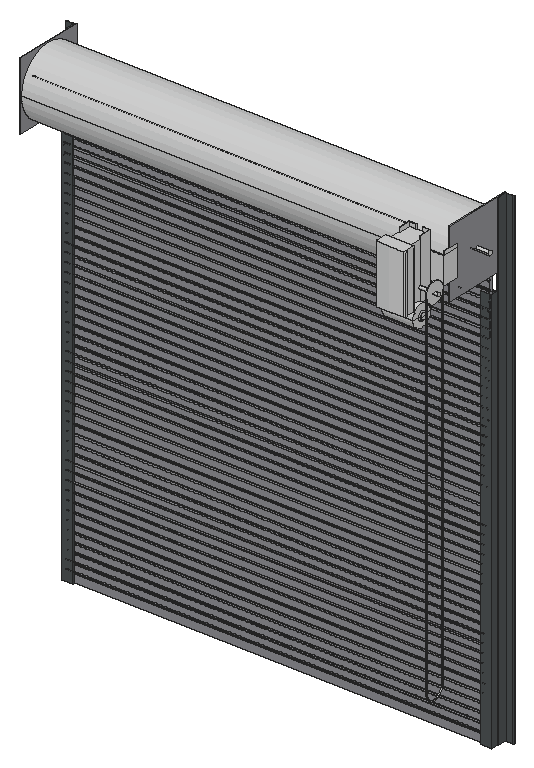
Revit family "Doors_Industrial_Overhead-Door-Corporation_Stormtite-HD-Insulated-Rolling-Steel-Service-Doors-625_", category Specialty Equipment, host Wall, Revit 2019
Family settings
  Host = Wall
  Round Connector Dimension = Use Diameter
  Part Type = Normal
  OmniClass Number = 23.30.10.21.34
  OmniClass Title = Industrial Doors
  Always vertical = Yes
  Cut with Voids When Loaded = Yes
  Shared = No
  Room Calculation Point = No
Parameters (values of type "115 volts, one phase, 60 Hz (110-120V range)")
  Width Count [instance] = if(or(Opening Width < 240", Opening Width = 240"), 20, if(or(Opening Width < 288", Opening Width = 288"), 24, 30))  # 20
  Warning Sign [instance] = if(Calculated Area > 683.00 SF, 1 = 1, 1 = 2)  # no
  Warning (Note) [instance] = if(Warning Sign, "The Door Area is out of the limit; please adjust accordingly. The maximum allowed area is 683 sq. ft.", if(Opening Height > 360", "Headroom Clearance Dimensions - out of the limits. Consult Factory", " "))  # " "
  Wall Thickness [instance] = 6"
  Voltage = 115 V
  True Opening Width [instance] = if(Between Jambs Mounting, Door Width True, Clear Width)  # 120"
  True Opening Height [instance] = if(Between Jambs Mounting, Clear Height + Headroom Height, Clear Height)  # 120"
  Slat Type [instance] = "F-265i"  # constant formula
  Slat Option [instance] = 1  # constant formula
  Slat Length [instance] = Clear Width + G Value * 2 - 1" / 2 * 2  # 126"
  Slat Height [instance] = if(Slat < 2, 11 9/32", if(Slat = 2, 13 3/4", 13 19/128"))  # 13 19/128"
  Slat [instance] = 3  # constant formula
  Product Page URL = "https://www.overheaddoor.com/rolling-steel-service-doors-625"
  Power Factor = 1
  Powder Coat (Note) = "PowderGuard® Premium powder coat finish options are available in approximately 200 colors as well as custom matching to specification. PowderGuard® Textured finish, a thicker, more scratch resistant coat, is available in 11 colors providing enhanced scratch resistance as well as aiding in hiding the dirt and blemishes that often occur in commercial environments.​"  # constant formula
  Operator Visibility = yes
  Operation (Note) [instance] = "Door could operate by manual push, crank, electrical operator or chain hoist. Manual push up and crank could be used up to 80 sf, for larger door sizes you have to use Chain Hoist operator."  # constant formula
  Opening Width Real [instance] = if(Opening Width > Max Opening Width, Max Opening Width, if(Opening Width < Min Opening Width, Min Opening Width, Opening Width))  # 120"
  Opening Width [instance] = 120"
  Opening Height Real [instance] = if(Opening Height > Max Opening Height, Max Opening Height, if(Opening Height < Min Opening Height, Min Opening Height, Opening Height))  # 120"
  Opening Height [instance] = 120"
  One Array element [instance] = not(Array Vis)  # no
  Number of Poles = 1
  Motor Type [instance] = if(Between Jambs Mounting, "RSX Front of Hood", if(Motor Option < 2, "RSX Front of Hood", if(Motor Option = 2, "RSX Top of Hood", if(Motor Option = 3, "RSX Wall Mount", "RSX Bench Mount"))))  # "RSX Front of Hood"
  Motor Selection (Note) [instance] = "Generic operator shown. Contact Overhead Door when dimensions are critical. "  # constant formula
  Motor Position [instance] = if(Between Jambs Mounting, BJ Displacement Real, M Value - G Value)  # 2 3/4"
  Motor Option Real [instance] = if(Between Jambs Mounting, 1, if(Motor Option < 1, 1, if(Motor Option > 4, 4, Motor Option)))  # 1
  Motor Option [instance] = 1
  Min Opening Width [instance] = if(Between Jambs Mounting, 18" + BJ Displacement Real * 2 + G Value * 2, 18")  # 18"
  Min Opening Height [instance] = if(Between Jambs Mounting, 24" + Headroom Height, 24")  # 24"
  Max Opening Width [instance] = 364"  # constant formula
  Max Opening Height [instance] = 340"  # constant formula
  Material Finish [instance] = 625 : Standard - Gray
  M Value [instance] = if(or(Opening Width < 108", Opening Width = 108"), 5 1/4", if(or(Opening Width < 180", Opening Width = 180"), 6 1/4", if(or(Opening Width < 240", Opening Width = 240"), 7 1/4", if(or(Opening Width < 360", Opening Width = 360"), 10 1/4", 11 1/4"))))  # 6 1/4"
  Lookup Table = "Hood Dimensions"  # constant formula
  Lookup BD [instance] = size_lookup(Lookup Table, if(Slat = 1, "A1", if(Slat = 2, "A2", "A3")), 10", Width Count, Height Count)  # 20"
  Jambs Offset [instance] = if(Between Jambs Mounting, BJ Displacement Real + G Value, 0")  # 0"
  Installation Real [instance] = if(Between Jambs Mounting, if((Wall Thickness / 2 - Guid Depth / 2) < 0", 0", Wall Thickness / 2 - Guid Depth / 2), Wall Thickness)  # 6"
  Hood Type [instance] = if(Hood Option < 2, "No Hood", if(Hood Option = 2, "Square Hood", if(Hood Option = 3, "Octagon Hood", "Round Hood")))  # "No Hood"
  Hood Option [instance] = 1
  Hood Offset [instance] = if(Chain Hoist or Manual, 3", 5")  # 5"
  Hood Material [instance] = Metal - Overhead Door - Gray
  Hood Height [instance] = Headroom Height Real - Hood Offset  # 20"
  Height Count [instance] = HC 3  # 11
  Lookup HH [instance] = size_lookup(Lookup Table, if(Slat = 1, "A1", if(Slat = 2, "A2", "A3")), 10", Width Count, Height Count)  # 20"
  Headroom Height Real [instance] = if(Face Of Wall Mounting, if(Chain Hoist or Manual, Lookup HH + 3", Lookup HH + 5"), Lookup HH + 3")  # 25"
  Headroom Height [instance] = if(Between Jambs Mounting, Headroom Height Real, if(Hood Option > 1, Headroom Height Real + 1 1/2", Headroom Height Real))  # 25"
  HC 3 [instance] = if(or(Opening Height < 72", Opening Height = 72"), 6, if(or(Opening Height < 96", Opening Height = 96"), 8, if(or(Opening Height < 108", Opening Height = 108"), 9, if(or(Opening Height < 132", Opening Height = 132"), 11, if(or(Opening Height < 156", Opening Height = 156"), 13, if(or(Opening Height < 192", Opening Height = 192"), 16, if(or(Opening Height < 216", Opening Height = 216"), 18, if(or(Opening Height < 252", Opening Height = 252"), 21, 23))))))))  # 11
  Guide Type [instance] = if(Between Jambs Mounting, "Angled Between Jambs Z Guide", "Angled Z Guide")  # "Angled Z Guide"
  Guide Option [instance] = if(Between Jambs Mounting, 1, 2)  # 2
  Guid Depth [instance] = if(Between Jambs Mounting, D Value + 1/4", D Value)  # 5"
  G Value [instance] = if(or(Opening Width < 108", Opening Width = 108"), 3", if(or(Opening Width < 180", Opening Width = 180"), 3 1/2", if(or(Opening Width < 240", Opening Width = 240"), 4", if(or(Opening Width < 360", Opening Width = 360"), 5 5/8", 5 5/8"))))  # 3 1/2"
  Frequency = 60 Hz
  Face of Wall Offset [instance] = if(Between Jambs Mounting, 0", 5")  # 5"
  Face Of Wall Mounting [instance] = not(Between Jambs Mounting)  # yes
  Door Width True [instance] = if(Between Jambs Mounting, Clear Width + BJ Displacement Real * 2 + G Value * 2, Clear Width + M Value * 2)  # 132 1/2"
  Door Width (Real) [instance] = if(Between Jambs Mounting, Clear Width, Clear Width + 1" / 2)  # 120 1/2"
  Door Height True [instance] = Clear Width + Headroom Height  # 145"
  Door Height (Real) [instance] = Clear Height + Hood Offset  # 125"
  URL = "https://www.overheaddoor.com/"
  Product data url = "https://www.bimobject.com/overhead-door/product/stormtite-hd-rolling-steel-service-doors-625"
  Product Guid = "27e66299-b278-4dac-b6f1-fc7303876562"
  Model = "625"  # constant formula
  Manufacturer = "Overhead Door Corporation"  # constant formula
  Wall Closure = By host
  Floor To (CL) of Shaft [instance] = Clear Height + Hood Height / 2 + Hood Offset  # 135"
  Finish Material = Finish - Overhead Door - Black
  Description = "Model 625 Stormtite Insulated Heavy-duty rolling door R-value 7.7, U-value .13, Smoke generation 10, Flame spread 5, STC 21"  # constant formula
  D Value [instance] = if(or(Opening Width < 108", Opening Width = 108"), 4 1/2", if(or(Opening Width < 180", Opening Width = 180"), 5", if(or(Opening Width < 240", Opening Width = 240"), 5", if(or(Opening Width < 360", Opening Width = 360"), 6", 6"))))  # 5"
  Clear Width [instance] = if(Between Jambs Mounting, Opening Width Real - BJ Displacement Real * 2 - G Value * 2, Opening Width Real)  # 120"
  Clear Height [instance] = if(Between Jambs Mounting, Opening Height Real - Headroom Height, Opening Height Real)  # 120"
  Chain Hoist or Manual = no
  Current = 20 A
  Connector Array Distance = 0"  # constant formula
  Connector Array = if(Chain Hoist or Manual, 2, 3)  # 3
  Between Jambs Mounting [instance] = no
  Between Jambs Guides Offset [instance] = 3"
  Bar [instance] = if(and(Hood Option > 1, Face Of Wall Mounting), 1 = 1, 1 = 2)  # no
  Backroom Depth [instance] = Lookup BD + 1/2"  # 20 1/2"
  BJ Opening Cut [instance] = if(Between Jambs Mounting, Headroom Height, 0")  # 0"
  BJ Displacement Real [instance] = if(Between Jambs Mounting, if(Between Jambs Guides Offset < 3", 3", if(Between Jambs Guides Offset > 6 3/4", 6 3/4", Between Jambs Guides Offset)), 0")  # 0"
  Array Vis [instance] = if(Array < 2, 1 = 2, 1 = 1)  # yes
  Array Real [instance] = if(Array < 2, 2, Array)  # 10
  Array Length [instance] = (Array) * Slat Height  # 131 31/64"
  Array [instance] = rounddown(([Door Height (Real)] - 3") / Slat Height) + 1  # 10
  Calculated Area [instance] = [Door Width (Real)] * [Door Height (Real)]  # 104.601 SF
  Apparent Load Phase 3 = if(Number of Poles = 1, 0 VA, (Voltage * Current * sqrt(3)) / 3)  # 0 VA
  Apparent Load Phase 2 = if(Number of Poles = 1, 0 VA, (Voltage * Current * sqrt(3)) / 3)  # 0 VA
  Apparent Load Phase 1 = if(Number of Poles = 1, Voltage * Current, (Voltage * Current * sqrt(3)) / 3)  # 2300 VA
Reference planes (in)
  plane 1 "Center (Front/Back)": y = -14.625
  plane 2 "Center (Left/Right)": x = 0
  plane 3 "Left": x = -60
  plane 4 "Right": x = 60
  plane 5 "Exterior": y = -8.625
  plane 6 "Interior": y = -14.625
  plane 7: x = 66.25
  plane 8: x = -66.25
  plane 9: z = 120
  plane 10 "Main": y = -18.98437
  plane 11 "Backroom Depth": y = -32.125
  plane 12 "Main Door Block": y = -11.625
  plane 13 "Bottom Bar": z = 2.75
  plane 14: y = -19.625
  plane 15: z = 134.23438
  plane 16: z = 145
  plane 17: z = 125
  plane 18: z = 146.5
  plane 19: z = 0
  plane 20: z = 60
  plane 21: y = -18.93359
  plane 22: y = 18.375
  plane 23: y = -41.625
  plane 24 "Double Main": y = -18.406
  plane 25 "Headroom Top": z = 145
  plane 26: z = 135
  plane 27: x = 63.5
  plane 28: x = -63.5
  plane 29: z = 121.08594
  plane 30: z = 2.75
  plane 31: y = -18.93359
  plane 32: z = 121.08594
  plane 33: y = -19.625
  plane 34: z = 15.89844
  plane 35: y = -19.01042
  plane 36: z = 29.04688
  plane 37: y = -19.08724
  plane 38: z = 42.19531
  plane 39: y = -19.16406
  plane 40: z = 55.34375
  plane 41: y = -19.24089
  plane 42: z = 68.49219
  plane 43: y = -19.31771
  plane 44: z = 81.64063
  plane 45: y = -19.39453
  plane 46: z = 94.78906
  plane 47: y = -19.47135
  plane 48: z = 107.9375
  plane 49: y = -19.54818
Forms (in)
  Extrusion 1, void
    sketch origin (0, -11.625, 0) x (0, 0, -1) y (-1, 0, 0)
      loop
        line (-120, 60) -> (-120, -60) -> (0, -60) -> (0, 60) -> (-120, 60)
    from -3 to 3
  Extrusion 2, solid, material "Metal - Overhead Door - Gray" <- "Hood Material", visible <- "Bar"
    sketch origin (0, 0, 0) x (0, 1, 0) y (0, 0, 1)
      loop
        line (-14.875, 145) -> (-14.625, 145) -> (-14.625, 146.5) -> (-14.875, 146.5) -> (-14.875, 145)
    from -63.25 to 63.25
Lines and regions (in)
  symbolic lines, visible <- "Bar"
    curve 1: line (63.25, -14.625, 0) -> (-63.25, -14.625, 0)
    curve 2: line (-63.25, -14.875, 0) -> (63.25, -14.875, 0)
Text (in)
  text "Exterior" at (-74.96733, 27.31104, 0), in view "Ref. Level"
  text "Interior" at (-74.96733, -25.14366, 0), in view "Ref. Level"
  text "Exterior" at (0, 40.15149, 123.01588), in view "Right"
  text "Interior" at (0, -64.39139, 123.01588), in view "Right"
  text "Interior" at (0, -31.01599, 123.00693), in view "Left"
  text "Exterior" at (0, 54.57065, 123.00693), in view "Left"
Dimensions and locks (in)
  equal spacing: plane 3 "Left", plane 2 "Center (Left/Right)", plane 4 "Right"
  "Clear Width": plane 3 "Left" to plane 4 "Right"
  level to host wall = 459.59655"
  "Clear Height": level to plane 9
  plane 7 to plane 8 = 132 1/2"
  equal spacing: plane 7, plane 2 "Center (Left/Right)", plane 8
  locked: plane 13 "Bottom Bar" to level at 2.75
  "Door Width True": plane 7 to plane 8
  locked: plane 14 to plane 10 "Main" at 0.64063
  "Array Length": plane 15 to plane 13 "Bottom Bar"
  "Backroom Depth": plane 11 "Backroom Depth" to plane 12 "Main Door Block"
  "Hood Height": plane 16 to plane 17
  locked: plane 18 to plane 16 at 1.5
  locked: Extrusion 2 sketch curve to Extrusion 2 sketch curve at 0.25
  "Installation Real": plane 1 "Center (Front/Back)" to plane 5 "Exterior"
  "Wall Thickness": host wall to host wall
  equal spacing: plane 9, plane 20, plane 19
  locked: plane 10 "Main" to plane 21 at 0.05078
  equal spacing: plane 22, host wall, plane 23
  locked: plane 22 to plane 23 at 60
  locked: plane 10 "Main" to plane 24 "Double Main" at 0.57837
  "BJ Opening Cut": Extrusion 1 sketch curve to plane 9
  locked: Extrusion 2 sketch curve to Extrusion 2 sketch curve at 1.5
  "Hood Offset": plane 17 to plane 9
  "Headroom Height": plane 25 "Headroom Top" to plane 9
  "Floor To (CL) of Shaft": plane 26 to level
  "Jambs Offset": plane 4 "Right" to Extrusion 1 sketch curve
  "Jambs Offset": Extrusion 1 sketch curve to plane 3 "Left"
  "Motor Position": plane 7 to plane 27
  "Motor Position": plane 28 to plane 8
  locked: plane 28 to Extrusion 2 at 0.25
  locked: Extrusion 2 to plane 27 at 0.25
  "Guid Depth": plane 14 to plane 1 "Center (Front/Back)"
  "Slat Height": plane 15 to plane 29
  equal spacing: group 1, group 3, group 4, group 5, group 6, group 7, group 8, group 9, group 10, group 2  (x2)
  equal spacing: group 2, group 10, group 9, group 8, group 7, group 6, group 5, group 4, group 3, group 1
  aligned and locked: plane 5 "Exterior" to host wall
  aligned and locked: host wall to plane 6 "Interior"
  aligned and locked: level to Extrusion 1 sketch curve
  aligned and locked: Extrusion 1 to plane 5 "Exterior"
  aligned and locked: plane 6 "Interior" to Extrusion 1
  aligned and locked: nested 1 to plane 2 "Center (Left/Right)"
  aligned and locked: plane 16 to nested 2
  aligned and locked: nested 1 to level
  aligned and locked: Extrusion 2 sketch curve to plane 18
  aligned and locked: Extrusion 2 sketch curve to plane 6 "Interior"
  aligned and locked: curve 1 to Extrusion 2  (x2)
  aligned and locked: curve 2 to Extrusion 2  (x2)
  aligned and locked: Extrusion 2 to curve 2
  aligned and locked: nested 2 to plane 5 "Exterior"
  aligned and locked: level to plane 19
  aligned and locked: nested 1 to plane 1 "Center (Front/Back)"
  aligned and locked: plane 2 "Center (Left/Right)" to nested 3
  aligned and locked: nested 3 to plane 22
  aligned and locked: plane 23 to nested 4
  aligned and locked: nested 4 to plane 2 "Center (Left/Right)"
  aligned and locked: nested 5 to plane 20
  aligned and locked: plane 2 "Center (Left/Right)" to nested 5
  aligned and locked: nested 2 to plane 27
  aligned and locked: nested 5 to plane 21
  aligned and locked: nested 1 to plane 13 "Bottom Bar"
  aligned and locked: plane 13 "Bottom Bar" to plane 30
  aligned and locked: plane 21 to plane 31
  aligned and locked: plane 29 to plane 32
  aligned and locked: plane 14 to plane 33
  aligned and locked: plane 21 to nested 14
Automatic sketch dimensions
  curve 1 to curve 2 = 0"
Nested families (in)
  nested 1: "Lifts" at (0, -14.625, 0), type "Frame Unit"
    with Square Hood no, Round Hood no, Octagon Hood no, No Hood yes, M Value 6 1/4", Hood Offset 5", Hood Height 20", Headroom Height Real 25", Half Octagon Side 4.14214", Half Hood Height 20", Shaft Offset 10", Radius Hood 10", Headroom Height 25", Header Width 20 1/2", Guide Z Wide 2 3/4", Floor To (CL) of Shaft 135", D Value 5"
  nested 2: "Motor" at (56.6205, -42.705, 123.93), visible <- "Operator Visibility", type "Trolley Motor"
    with Vertical Mount 21.07", Hood Width Real 20 1/2", Hood Width 20 1/2", Hood Height 20", Floor To Cl Shaft 135"
  nested 3: "Label Annotation 1" at (0, 18.375, 0), visible <- "Warning Sign", type "Label Annotation 1"
  nested 4: "Label Annotation 1" at (0, -41.625, 0) x (-1, 0, 0) z (0, 0, 1), visible <- "Warning Sign", type "Label Annotation 1"
  nested 5: "Warning Sign" at (0, -18.93359, 60), visible <- "Warning Sign", type "Warning Sign"
    with Warning Sign no
  nested 6: "625" at (0, -18.93359, 2.75), type <- "Material Finish", Slat Option <- "Slat", visible <- "Array Vis", Opening Width <- "Slat Length", type "Standard - Gray"
    with Void Offset 1", Void Height 1", Slat Width 3/4", Slat Position + Offset 14.491", Slat Position 13.15", Slat Option 3, Opening Width 126", Integrated Cutout no, F 265, FE 265 yes, Cutout Width Offset 1", Cutout Vertical Offset 1.341", Cutout Horizontal Offset 1", C 275 no, C 187 Standard no
  nested 7: "625" at (0, -19.625, 121.08594), type <- "Material Finish", Slat Option <- "Slat", visible <- "Array Vis", Opening Width <- "Slat Length", type "Standard - Gray"
    with Void Offset 1", Void Height 1", Slat Width 3/4", Slat Position + Offset 14.491", Slat Position 13.15", Slat Option 3, Opening Width 126", Integrated Cutout no, F 265, FE 265 yes, Cutout Width Offset 1", Cutout Vertical Offset 1.341", Cutout Horizontal Offset 1", C 275 no, C 187 Standard no
  nested 8: "625" at (0, -19.01042, 15.89844), type <- "Material Finish", Slat Option <- "Slat", visible <- "Array Vis", Opening Width <- "Slat Length", type "Standard - Gray"
    with Void Offset 1", Void Height 1", Slat Width 3/4", Slat Position + Offset 14.491", Slat Position 13.15", Slat Option 3, Opening Width 126", Integrated Cutout no, F 265, FE 265 yes, Cutout Width Offset 1", Cutout Vertical Offset 1.341", Cutout Horizontal Offset 1", C 275 no, C 187 Standard no
  nested 9: "625" at (0, -19.08724, 29.04688), type <- "Material Finish", Slat Option <- "Slat", visible <- "Array Vis", Opening Width <- "Slat Length", type "Standard - Gray"
    with Void Offset 1", Void Height 1", Slat Width 3/4", Slat Position + Offset 14.491", Slat Position 13.15", Slat Option 3, Opening Width 126", Integrated Cutout no, F 265, FE 265 yes, Cutout Width Offset 1", Cutout Vertical Offset 1.341", Cutout Horizontal Offset 1", C 275 no, C 187 Standard no
  nested 10: "625" at (0, -19.16406, 42.19531), type <- "Material Finish", Slat Option <- "Slat", visible <- "Array Vis", Opening Width <- "Slat Length", type "Standard - Gray"
    with Void Offset 1", Void Height 1", Slat Width 3/4", Slat Position + Offset 14.491", Slat Position 13.15", Slat Option 3, Opening Width 126", Integrated Cutout no, F 265, FE 265 yes, Cutout Width Offset 1", Cutout Vertical Offset 1.341", Cutout Horizontal Offset 1", C 275 no, C 187 Standard no
  nested 11: "625" at (0, -19.24089, 55.34375), type <- "Material Finish", Slat Option <- "Slat", visible <- "Array Vis", Opening Width <- "Slat Length", type "Standard - Gray"
    with Void Offset 1", Void Height 1", Slat Width 3/4", Slat Position + Offset 14.491", Slat Position 13.15", Slat Option 3, Opening Width 126", Integrated Cutout no, F 265, FE 265 yes, Cutout Width Offset 1", Cutout Vertical Offset 1.341", Cutout Horizontal Offset 1", C 275 no, C 187 Standard no
  nested 12: "625" at (0, -19.31771, 68.49219), type <- "Material Finish", Slat Option <- "Slat", visible <- "Array Vis", Opening Width <- "Slat Length", type "Standard - Gray"
    with Void Offset 1", Void Height 1", Slat Width 3/4", Slat Position + Offset 14.491", Slat Position 13.15", Slat Option 3, Opening Width 126", Integrated Cutout no, F 265, FE 265 yes, Cutout Width Offset 1", Cutout Vertical Offset 1.341", Cutout Horizontal Offset 1", C 275 no, C 187 Standard no
  nested 13: "625" at (0, -19.39453, 81.64063), type <- "Material Finish", Slat Option <- "Slat", visible <- "Array Vis", Opening Width <- "Slat Length", type "Standard - Gray"
    with Void Offset 1", Void Height 1", Slat Width 3/4", Slat Position + Offset 14.491", Slat Position 13.15", Slat Option 3, Opening Width 126", Integrated Cutout no, F 265, FE 265 yes, Cutout Width Offset 1", Cutout Vertical Offset 1.341", Cutout Horizontal Offset 1", C 275 no, C 187 Standard no
  nested 14: "625" at (0, -18.93359, 2.75), type <- "Material Finish", Slat Option <- "Slat", visible <- "One Array element", Opening Width <- "Slat Length", type "Standard - Gray"
    with Void Offset 1", Void Height 1", Slat Width 3/4", Slat Position + Offset 14.491", Slat Position 13.15", Slat Option 3, Opening Width 126", Integrated Cutout no, F 265, FE 265 yes, Cutout Width Offset 1", Cutout Vertical Offset 1.341", Cutout Horizontal Offset 1", C 275 no, C 187 Standard no
  nested 15: "625" at (0, -19.47135, 94.78906), type <- "Material Finish", Slat Option <- "Slat", visible <- "Array Vis", Opening Width <- "Slat Length", type "Standard - Gray"
    with Void Offset 1", Void Height 1", Slat Width 3/4", Slat Position + Offset 14.491", Slat Position 13.15", Slat Option 3, Opening Width 126", Integrated Cutout no, F 265, FE 265 yes, Cutout Width Offset 1", Cutout Vertical Offset 1.341", Cutout Horizontal Offset 1", C 275 no, C 187 Standard no
  nested 16: "625" at (0, -19.54818, 107.9375), type <- "Material Finish", Slat Option <- "Slat", visible <- "Array Vis", Opening Width <- "Slat Length", type "Standard - Gray"
    with Void Offset 1", Void Height 1", Slat Width 3/4", Slat Position + Offset 14.491", Slat Position 13.15", Slat Option 3, Opening Width 126", Integrated Cutout no, F 265, FE 265 yes, Cutout Width Offset 1", Cutout Vertical Offset 1.341", Cutout Horizontal Offset 1", C 275 no, C 187 Standard no
Connectors (in)
  electrical at (59.6085, -41.31077, 134.4998), driven by "Apparent Load Phase 1", driven by "Power Factor", driven by "Voltage", driven by "Apparent Load Phase 2", driven by "Apparent Load Phase 3", driven by "Number of Poles"
    settings: on nested 2, index 1, voltage 115 V, apparent load 0 VA, apparent load phase1 2300 VA, apparent load phase2 0 VA, apparent load phase3 0 VA, power factor 1, load classification "Other", number of poles 1, system type 31, power factor state 1, is connector primary yes, connector utility no, sub classification motor no, connector description "Electrical Connector"
Definition of nested family "Lifts"
  Parameters (values of type "Frame Unit")
    True Width = if(Between Jambs, Opening Width, Opening Width + 1/2")  # 120 1/2"
    Square Hood [instance] = if(Hood Option = 2, 1 = 1, 1 = 2)  # no
    Slat Option = 1
    Round Hood [instance] = if(Hood Option > 3, 1 = 1, 1 = 2)  # no
    Rough Width = 0"
    Rough Height = 0"
    Octagon Hood [instance] = if(Hood Option = 3, 1 = 1, 1 = 2)  # no
    No Hood [instance] = if(Hood Option < 2, 1 = 1, 1 = 2)  # yes
    M Value = 5 1/4"
    Hood Type = if(Hood Option < 2, "No Hood", if(Hood Option = 2, "Square Hood", if(Hood Option = 3, "Octagon Hood", "Round Hood")))  # "No Hood"
    Hood Option = 1
    Hood Offset = 3"
    Hood Height = Headroom Height Real - Hood Offset  # 16"
    Headroom Height Real = Headroom Height  # 19"
    Half Octagon Side = (Radius Hood * 2 * tan(180.00° / 8)) / 2  # 3.00305"
    Half Hood Height = Headroom Height - Hood Offset  # 16"
    G Value = 3 1/2"
    E Guide Width = if(Between Jambs, Guide Offset - G Value + BJ Connection Length - BJ Displacement * 2 / 3, 3")  # 3"
    E Guide Height = 3"  # constant formula
    Z Guide = 1 = 1  # yes
    Slat Material = none
    Shaft Offset = if(Hood Option > 3, (Header Width - (Header Width - Hood Height)) / 2, if(Hood Height < Header Width, (Header Width - (Header Width - Hood Height)) / 2, Header Width / 2))  # 7 1/4"
    Shaft Material = none
    Shaft Length 2 = if(Between Jambs, G Value + BJ Displacement, G Value + 4")  # 7 1/2"
    Shaft Length 1 = if(Between Jambs, G Value + BJ Displacement, G Value + 4")  # 7 1/2"
    Setback = if(Between Jambs, 0", 1/4")  # 1/4"
    Radius Hood = Shaft Offset  # 7 1/4"
    Opening Width = 120"
    Hood Material = none
    Headroom Height = 19"
    Header Width = 14 1/2"
    Opening Height = 120"
    Guide Type = if(Between Jambs, "Angled Between Jambs Z Guide", if(Guide Option > 1, "Angled Z Guide", "Angled E Guide"))  # "Angled Z Guide"
    Guide Option = if(Between Jambs, 1, 2)  # 2
    Guide Offset = BJ Displacement + G Value  # 3 1/2"
    Guide Z Wide = if(Between Jambs, Guide Offset - G Value + BJ Connection Length - BJ Displacement * 2 / 3, M Value - G Value)  # 1 3/4"
    Guide Z Height = 3"  # constant formula
    Floor To (CL) of Shaft = 131"
    Finish Material = none
    Face to Wall Mount = not(Between Jambs)  # yes
    E Guide = if(Between Jambs, 1 = 1, 1 = 2)  # no
    D Value = 4 1/2"
    Between Jambs = no
    BJ Position = if(Between Jambs, 1/4", 0")  # 0"
    BJ Displacement = 0"
    BJ Connection Length = 1 / 3 * BJ Displacement  # 0"
    Angled Guide = 1 = 1  # yes
  Reference planes (in)
    plane 1 "Center (Front/Back)": y = 0
    plane 2: z = 0
    plane 3 "Center (Left/Right)": x = 0
    plane 4 "Opening Height": z = 120
    plane 5: x = -67.5
    plane 6: x = 67.5
    plane 7: z = 139
    plane 8: y = 14.5
    plane 9 "Real Opening 2": x = -60
    plane 10 "Real Opening 1": x = 60
    plane 11: z = 123
    plane 12 "Main": y = 0
    plane 13: z = 131
    plane 14: y = 7.25
    plane 15: x = 63.5
    plane 16: x = -63.5
    plane 17: x = -63.5
    plane 18: x = 63.5
    plane 19: y = 4.5
    plane 20: x = -63.25
    plane 21: x = 63.25
    plane 22: y = 7.25
    plane 23: z = 140.5
    plane 24: y = 4.5
    plane 25: y = 3.375
    plane 26: y = 4.5
    plane 27: y = 3.375
  Forms (in)
    Extrusion 1, solid, material <- "Slat Material"
      sketch origin (0, 0, 0) x (0, 1, 0) y (0, 0, 1)
        loop
          line (3.6875, 2.375) -> (3.6875, 2.75) -> (3.0625, 2.75) -> (3.0625, 2.375) -> (3.6875, 2.375)
      from -63.25 to 63.25
    Extrusion 2, solid, material <- "Slat Material"
      sketch origin (0, 0, 0) x (0, 1, 0) y (0, 0, 1)
        loop
          line (3.6875, 2.375) -> (3.0625, 2.375) -> (3.0625, 0) -> (3.6875, 0) -> (3.6875, 2.375)
      from -63.25 to 63.25
    Extrusion 3, solid, material <- "Shaft Material"
      sketch origin (0, -5.35201, 0) x (0, 1, 0) y (0, 0, 1)
        loop
          circle (12.60201, 131) r 0.6
      from -67.5 to 67.5
    Extrusion 4, solid, material <- "Hood Material", visible <- "Square Hood"
      sketch origin (0, 0, 0) x (0, 1, 0) y (0, 0, 1)
        loop
          line (0, 123) -> (14.5, 123) -> (14.5, 139) -> (0, 139) -> (0, 123)
      from -63.25 to 63.25
    Extrusion 5, solid, material <- "Hood Material", visible <- "Round Hood"
      sketch origin (0, 0, 0) x (0, 1, 0) y (0, 0, 1)
        loop
          line (0, 139) -> (0, 123) -> (7.25, 123)
          arc (7.25, 123) -> (15.25, 131) -> (7.25, 139) r 8
          line (7.25, 139) -> (0, 139)
      from -63.25 to 63.25
    Extrusion 6, solid, material <- "Finish Material", visible <- "E Guide"
      sketch origin (0, 0, 0) x (1, 0, 0) y (0, 1, 0)
        loop
          line (60.5, 0) -> (63.5, 0) -> (63.5, 3) -> (63.4375, 3)
          arc (63.4375, 3) -> (63.30492, 2.94508) -> (63.25, 2.8125) r 0.1875
          line (63.25, 2.8125) -> (63.25, 0.25) -> (60.6875, 0.25)
          arc (60.6875, 0.25) -> (60.55492, 0.19508) -> (60.5, 0.0625) r 0.1875
          line (60.5, 0.0625) -> (60.5, 0)
        loop
          line (-60.5, 0) -> (-60.5, 0.0625)
          arc (-60.5, 0.0625) -> (-60.55492, 0.19508) -> (-60.6875, 0.25) r 0.1875
          line (-60.6875, 0.25) -> (-63.25, 0.25) -> (-63.25, 2.8125)
          arc (-63.25, 2.8125) -> (-63.30492, 2.94508) -> (-63.4375, 3) r 0.1875
          line (-63.4375, 3) -> (-63.5, 3) -> (-63.5, 0) -> (-60.5, 0)
      from 0 to 139
    Extrusion 7, solid, material <- "Finish Material", visible <- "Z Guide"
      sketch origin (0, 0, 0) x (1, 0, 0) y (0, 1, 0)
        loop
          line (65.25, 0) -> (65.25, 0.062)
          arc (65.25, 0.062) -> (65.19494, 0.19494) -> (65.062, 0.25) r 0.188
          line (65.062, 0.25) -> (63.75, 0.25) -> (63.75, 2.812)
          arc (63.75, 2.812) -> (63.69494, 2.94494) -> (63.562, 3) r 0.188
          line (63.562, 3) -> (63.5, 3) -> (63.5, 0) -> (65.25, 0)
        loop
          line (-65.25, 0) -> (-63.5, 0) -> (-63.5, 3) -> (-63.562, 3)
          arc (-63.562, 3) -> (-63.69494, 2.94494) -> (-63.75, 2.812) r 0.188
          line (-63.75, 2.812) -> (-63.75, 0.25) -> (-65.062, 0.25)
          arc (-65.062, 0.25) -> (-65.19494, 0.19494) -> (-65.25, 0.062) r 0.188
          line (-65.25, 0.062) -> (-65.25, 0)
      from 0 to 139
    Extrusion 8, solid, material <- "Finish Material", visible <- "Angled Guide"
      sketch origin (0, 0, 0) x (1, 0, 0) y (0, 1, 0)
        loop
          line (60.25, 4.5) -> (60.25, 4.437)
          arc (60.25, 4.437) -> (60.30477, 4.30477) -> (60.437, 4.25) r 0.187
          line (60.437, 4.25) -> (63.25, 4.25) -> (63.25, 2.5) -> (60.25, 2.5) -> (60.25, 2.437)
          arc (60.25, 2.437) -> (60.30477, 2.30477) -> (60.437, 2.25) r 0.187
          line (60.437, 2.25) -> (63, 2.25) -> (63, 0.5625) -> (63.25, 0.5625) -> (63.25, 0.25) -> (63.5, 0.25) -> (63.5, 4.5) -> (60.25, 4.5)
        loop
          line (-60.25, 4.5) -> (-63.5, 4.5) -> (-63.5, 0.25) -> (-63.25, 0.25) -> (-63.25, 0.5625) -> (-63, 0.5625) -> (-63, 2.25) -> (-60.437, 2.25)
          arc (-60.437, 2.25) -> (-60.30477, 2.30477) -> (-60.25, 2.437) r 0.187
          line (-60.25, 2.437) -> (-60.25, 2.5) -> (-63.25, 2.5) -> (-63.25, 4.25) -> (-60.437, 4.25)
          arc (-60.437, 4.25) -> (-60.30477, 4.30477) -> (-60.25, 4.437) r 0.187
          line (-60.25, 4.437) -> (-60.25, 4.5)
      from 0 to 120
    Extrusion 9, solid, material <- "Hood Material"
      sketch origin (0, 0, 0) x (-1, 0, 0) y (0, 0, 1)
        loop
          line (63.25, 123) -> (63.5, 123) -> (63.5, 139) -> (63.25, 139) -> (63.25, 123)
        loop
          line (-63.5, 123) -> (-63.25, 123) -> (-63.25, 139) -> (-63.5, 139) -> (-63.5, 123)
      from 0 to 14.5
    Extrusion 10, solid, material <- "Shaft Material", visible <- "No Hood"
      sketch origin (0, 0, 0) x (0, 1, 0) y (0, 0, 1)
        loop
          circle (7.25, 131) r 7.25
      from -63.25 to 63.25
    Extrusion 11, solid, material <- "Hood Material", visible <- "Octagon Hood"
      sketch origin (0, 0, 0) x (0, 1, 0) y (0, 0, 1)
        loop
          line (0, 139) -> (0, 123) -> (10.25305, 123) -> (14.5, 127.99695) -> (14.5, 134.00305) -> (10.25305, 139) -> (0, 139)
      from -63.25 to 63.25
  Lines and regions (in)
    Masking region 1
      outline origin (0, 0, 0) x (1, 0, 0) y (0, 1, 0)
        loop
          line (67.5, 7.85) -> (63.5, 7.85) -> (63.5, 6.65) -> (67.5, 6.65) -> (67.5, 7.85)
        loop
          line (-67.5, 6.65) -> (-63.5, 6.65) -> (-63.5, 7.85) -> (-67.5, 7.85) -> (-67.5, 6.65)
    Masking region 2
      outline origin (0, 0, 0) x (1, 0, 0) y (0, 1, 0)
        loop
          line (-63.5, 14.5) -> (-63.5, 0) -> (63.5, 0) -> (63.5, 14.5) -> (-63.5, 14.5)
    Masking region 3, visible <- "Z Guide"
      outline origin (0, 0, 0) x (1, 0, 0) y (0, 1, 0)
        loop
          line (65.062, 0.25) -> (63.75, 0.25) -> (63.75, 2.812)
          arc (63.75, 2.812) -> (63.69494, 2.94494) -> (63.562, 3) r 0.188
          line (63.562, 3) -> (63.5, 3) -> (63.5, 0) -> (65.25, 0) -> (65.25, 0.062)
          arc (65.25, 0.062) -> (65.19494, 0.19494) -> (65.062, 0.25) r 0.188
        loop
          line (-63.75, 0.25) -> (-65.062, 0.25)
          arc (-65.062, 0.25) -> (-65.19494, 0.19494) -> (-65.25, 0.062) r 0.188
          line (-65.25, 0.062) -> (-65.25, 0) -> (-63.5, 0) -> (-63.5, 3) -> (-63.562, 3)
          arc (-63.562, 3) -> (-63.69494, 2.94494) -> (-63.75, 2.812) r 0.188
          line (-63.75, 2.812) -> (-63.75, 0.25)
    Masking region 4, visible <- "E Guide"
      outline origin (0, 0, 0) x (1, 0, 0) y (0, 1, 0)
        loop
          line (-63.5, 3) -> (-63.5, 0) -> (-60.5, 0) -> (-60.5, 0.0625)
          arc (-60.5, 0.0625) -> (-60.55492, 0.19508) -> (-60.6875, 0.25) r 0.1875
          line (-60.6875, 0.25) -> (-63.25, 0.25) -> (-63.25, 2.8125)
          arc (-63.25, 2.8125) -> (-63.30492, 2.94508) -> (-63.4375, 3) r 0.1875
          line (-63.4375, 3) -> (-63.5, 3)
        loop
          line (63.5, 0) -> (63.5, 3) -> (63.4375, 3)
          arc (63.4375, 3) -> (63.30492, 2.94508) -> (63.25, 2.8125) r 0.1875
          line (63.25, 2.8125) -> (63.25, 0.25) -> (60.6875, 0.25)
          arc (60.6875, 0.25) -> (60.55492, 0.19508) -> (60.5, 0.0625) r 0.1875
          line (60.5, 0.0625) -> (60.5, 0) -> (63.5, 0)
    symbolic lines
      curve 1: line (-63.25, 0, 0) -> (-63.25, 14.5, 0)
      curve 2: line (63.25, 14.5, 0) -> (63.25, 0, 0)
    symbolic lines, visible <- "Octagon Hood"
      curve 3: line (-63.25, 10.25305, 0) -> (63.25, 10.25305, 0)
  Dimensions and locks (in)
    Extrusion 1 sketch curve to level = 2 3/8"
    locked: Extrusion 1 sketch curve to Extrusion 1 sketch curve at 0.625
    locked: Extrusion 2 sketch curve to level at 2.375
    "Headroom Height Real": plane 7 to plane 4 "Opening Height"
    plane 8 to plane 1 "Center (Front/Back)" = 14 1/2"
    "Radius Hood": Extrusion 5 sketch curve to plane 8
    "Opening Height": plane 4 "Opening Height" to level
    "Hood Offset": plane 11 to plane 4 "Opening Height"
    "BJ Position": plane 12 "Main" to plane 1 "Center (Front/Back)"
    "Header Width": plane 12 "Main" to plane 8
    "Floor To (CL) of Shaft": plane 13 to level
    "Shaft Offset": Extrusion 3 sketch curve to plane 8
    locked: Extrusion 2 sketch curve to Extrusion 2 sketch curve at 0.625
    "Shaft Offset": plane 8 to plane 14
    locked: Masking region 1 sketch curve to Masking region 1 sketch curve at 1.2
    locked: Masking region 1 sketch curve to plane 14 at 0.6
    "Guide Offset": plane 10 "Real Opening 1" to plane 15
    "Guide Offset": plane 16 to plane 9 "Real Opening 2"
    locked: Extrusion 6 sketch curve to Extrusion 6 sketch curve at 0.25  (x4)
    "E Guide Height": Extrusion 6 sketch curve to Extrusion 6 sketch curve  (x2)
    "E Guide Width": Extrusion 6 sketch curve to Extrusion 6 sketch curve  (x2)
    locked: Extrusion 7 sketch curve to Extrusion 7 sketch curve at 0.25  (x4)
    "Guide Z Wide": Extrusion 7 sketch curve to Extrusion 7 sketch curve  (x2)
    "Guide Z Height": Extrusion 7 sketch curve to Extrusion 7 sketch curve  (x2)
    locked: Extrusion 8 sketch curve to Extrusion 8 sketch curve at 0.25  (x8)
    locked: Extrusion 8 sketch curve to Extrusion 8 sketch curve at 2.25  (x2)
    locked: Extrusion 8 sketch curve to Extrusion 8 sketch curve at 4.25  (x2)
    locked: Extrusion 8 sketch curve to Extrusion 8 sketch curve at 0.3125  (x2)
    "Setback": plane 10 "Real Opening 1" to Extrusion 8 sketch curve
    "Setback": Extrusion 8 sketch curve to plane 9 "Real Opening 2"
    equal spacing: plane 16, plane 3 "Center (Left/Right)", plane 15
    "G Value": Extrusion 7 sketch curve to plane 9 "Real Opening 2"
    "G Value": plane 10 "Real Opening 1" to Extrusion 7 sketch curve
    "G Value": plane 10 "Real Opening 1" to plane 18
    "G Value": plane 17 to plane 9 "Real Opening 2"
    "Shaft Length 1": plane 5 to plane 9 "Real Opening 2"
    "Shaft Length 2": plane 6 to plane 10 "Real Opening 1"
    locked: Extrusion 2 to plane 18 at 0.25
    locked: Extrusion 2 to plane 17 at 0.25
    locked: plane 17 to plane 20 at 0.25
    locked: plane 21 to plane 18 at 0.25
    "Shaft Offset": Extrusion 10 sketch curve to plane 8
    plane 13 to plane 11 = 8"
    plane 7 to plane 13 = 8"
    "Shaft Offset": plane 22 to plane 8
    "Half Octagon Side": Extrusion 11 sketch curve to plane 13
    "Half Octagon Side": plane 13 to Extrusion 11 sketch curve
    "Half Octagon Side": plane 22 to Extrusion 11 sketch curve  (x2)
    equal spacing: plane 9 "Real Opening 2", plane 3 "Center (Left/Right)", plane 10 "Real Opening 1"
    "Opening Width": plane 9 "Real Opening 2" to plane 10 "Real Opening 1"
    locked: plane 23 to plane 7 at 1.5
    "D Value": plane 1 "Center (Front/Back)" to plane 19
    "D Value": plane 24 to plane 1 "Center (Front/Back)"
    locked: plane 24 to plane 25 at 1.125
    equal spacing: Extrusion 1 sketch curve, plane 25, Extrusion 1 sketch curve
    "D Value": plane 26 to plane 1 "Center (Front/Back)"
    locked: plane 26 to plane 27 at 1.125
    equal spacing: Extrusion 2 sketch curve, plane 27, Extrusion 2 sketch curve
    "G Value": plane 10 "Real Opening 1" to Extrusion 8 sketch curve
    "G Value": Extrusion 8 sketch curve to plane 9 "Real Opening 2"
    radius of Extrusion 6 sketch curve = 3/16"  (x4)
    radius of Extrusion 7 sketch curve = 0.188"  (x4)
    locked: Extrusion 8 sketch curve to Extrusion 8 sketch curve (radius 0.187")  (x4)
    "Radius Hood": radius of Extrusion 10 sketch curve
    aligned and locked: plane 2 to level
    aligned and locked: plane 5 to Extrusion 3
    aligned and locked: Extrusion 3 to plane 6
    aligned and locked: Extrusion 4 sketch curve to plane 7
    aligned and locked: Extrusion 4 sketch curve to plane 8
    aligned and locked: Extrusion 5 sketch curve to plane 7
    aligned and locked: plane 13 to Extrusion 3 sketch curve
    aligned and locked: plane 5 to Masking region 1 sketch curve
    aligned and locked: plane 6 to Masking region 1 sketch curve
    aligned and locked: Masking region 1 sketch curve to Masking region 1 sketch curve  (x2)
    aligned and locked: plane 12 "Main" to Extrusion 6 sketch curve  (x2)
    aligned and locked: Extrusion 6 sketch curve to plane 15
    aligned and locked: plane 16 to Extrusion 6 sketch curve
    aligned and locked: Extrusion 7 sketch curve to plane 1 "Center (Front/Back)"  (x2)
    aligned and locked: Extrusion 8 sketch curve to Extrusion 8 sketch curve  (x4)
    aligned and locked: plane 19 to Extrusion 8 sketch curve
    aligned and locked: Extrusion 8 sketch curve to plane 19
    aligned and locked: plane 4 "Opening Height" to Extrusion 8
    aligned and locked: Extrusion 5 sketch curve to plane 12 "Main"
    aligned and locked: plane 12 "Main" to Extrusion 4 sketch curve
    aligned and locked: Extrusion 9 sketch curve to plane 11  (x2)
    aligned and locked: Extrusion 9 sketch curve to plane 7  (x2)
    aligned and locked: plane 17 to Extrusion 9 sketch curve
    aligned and locked: Extrusion 9 sketch curve to plane 18
    aligned and locked: Masking region 2 sketch curve to Extrusion 4
    aligned and locked: Masking region 2 to curve 2  (x2)
    aligned and locked: Masking region 2 to curve 1  (x2)
    aligned and locked: Masking region 3 sketch curve to Extrusion 7  (x10)
    aligned and locked: Extrusion 7 to Masking region 3 sketch curve
    aligned and locked: Masking region 4 sketch curve to Extrusion 6  (x10)
    aligned and locked: Extrusion 2 to Extrusion 1
    aligned and locked: Extrusion 1 to Extrusion 2
    aligned and locked: Extrusion 9 to curve 1
    aligned and locked: Extrusion 9 to curve 2
    aligned and locked: Masking region 2 to plane 17
    aligned and locked: Masking region 2 to plane 18
    aligned and locked: plane 18 to Masking region 1 sketch curve
    aligned and locked: Masking region 1 sketch curve to plane 17
    aligned and locked: plane 20 to Extrusion 9 sketch curve
    aligned and locked: plane 21 to Extrusion 9 sketch curve
    aligned and locked: plane 20 to Extrusion 4
    aligned and locked: plane 20 to Extrusion 5
    aligned and locked: Extrusion 4 to plane 21
    aligned and locked: Extrusion 5 to plane 21
    aligned and locked: plane 13 to Extrusion 10 sketch curve
    aligned and locked: Extrusion 11 sketch curve to plane 12 "Main"
    aligned and locked: Extrusion 11 sketch curve to plane 7
    aligned and locked: Extrusion 11 sketch curve to plane 11
    aligned and locked: Extrusion 11 sketch curve to plane 8
    aligned and locked: Extrusion 11 to plane 20
    aligned and locked: Extrusion 11 to plane 21
    aligned and locked: plane 20 to Extrusion 10
    aligned and locked: Extrusion 10 to plane 21
    aligned and locked: plane 8 to Extrusion 9
    aligned and locked: Extrusion 11 to curve 3
    aligned and locked: plane 20 to curve 3
    aligned and locked: plane 21 to curve 3
    aligned and locked: plane 7 to Extrusion 7
    aligned and locked: plane 7 to Extrusion 6
    aligned and locked: Extrusion 4 sketch curve to plane 11
    aligned and locked: Extrusion 5 sketch curve to plane 11
  Automatic sketch dimensions
    plane 17 to Masking region 2 sketch curve = 0"
    Masking region 2 sketch curve to plane 18 = 0"
    Masking region 2 sketch curve to plane 1 "Center (Front/Back)" = 0"
    Extrusion 1 sketch curve to Extrusion 1 sketch curve = 3/8"
    Extrusion 2 sketch curve to level = 0"
    radius of Extrusion 3 sketch curve = 0.6"
Definition of nested family "Motor"
  Parameters (values of type "Trolley Motor")
    Wall Mount RSX = if(Chain Hoist, 1 = 2, if(Motor Option = 3, 1 = 1, 1 = 2))  # no
    Top Mount RSX = if(Chain Hoist, 1 = 2, if(Motor Option = 2, 1 = 1, 1 = 2))  # no
    Shaft Material = none
    Real Exterior Wall Offset = if(Wall Mount RSX, Displacement, Exterior Wall Offset + if(and(BJ, Bench Mount RSX, Hood Width < 19 1/2"), 2.6", 0"))  # 6"
    Not Chain Hoist = not(Chain Hoist)  # yes
    Not Bench + Top = not(or(Top Mount RSX, Chain Hoist, Bench Mount RSX))  # yes
    Horizontal Mount = if(Face Mount RSX, 5.08" + 0.12" + 2.38", if(Top Mount RSX, 11.19", if(Wall Mount RSX, 5.08", if(Bench Mount RSX, 4.77" + if(or(Hood Width < 14", Hood Width = 14"), 6.13", if(or(Hood Width < 16", Hood Width = 16"), 4.13", 3 1/4")), 0"))))  # 7.58"
    Not Fire King = if(Chain Hoist, 1 = 2, not(Chain Hoist))  # yes
    Vertical Mount = if(Face Mount RSX, 11.07" + Hood Height / 2, if(Top Mount RSX, 14.92" - 0.13" - 2.38", if(Wall Mount RSX, 20.03" + 6" + Hood Height / 2, if(Bench Mount RSX, 20" + 2.29" + Hood Height / 2, Hood Height))))  # 18.07"
    Motor Type = if(Motor Option < 2, "RSX FDO Face Mount", if(Motor Option = 2, "RSX FDO Top Mount", if(Motor Option = 3, "RSX Wall Mount", if(Motor Option = 4, "RSX Bench Mount", "Chain Hoist"))))  # "RSX FDO Face Mount"
    Motor Option = 1
    Main Material = none
    Hood Width Real = if(Wall Mount RSX, 0", if(Chain Hoist, if(Hood Height < Hood Width, (Hood Width + (Hood Width - Hood Height)) / 2, Hood Width / 2), Hood Width))  # 14 1/2"
    Hood Width = 14 1/2"
    Hood Height = 14"
    Hood Mount = if(or(Face Mount RSX, Top Mount RSX), 0.37", if(Wall Mount RSX, if(BJ, 12.24" + BJ Displacement, 14.74"), if(Bench Mount RSX, 14.49", 4.26")))  # 0.37"
    Floor To Cl Shaft = 132"
    Fire King RHX = 1 = 2  # no
    Top Option Offset = if(or(Top Mount RSX, Bench Mount RSX), 20", 0")  # 0"
    Face+Top = if(Chain Hoist, 1 = 2, if(or(Face Mount RSX, Top Mount RSX), 1 = 1, 1 = 2))  # yes
    Face Mount RSX = if(Chain Hoist, 1 = 2, if(Motor Option < 2, 1 = 1, 1 = 2))  # yes
    Top + Bench = if(Chain Hoist, 1 = 2, if(or(Top Mount RSX, Bench Mount RSX), 1 = 1, 1 = 2))  # no
    Face + Top + Bench = if(Chain Hoist, 1 = 2, if(or(Face Mount RSX, Top Mount RSX, Bench Mount RSX), 1 = 1, 1 = 2))  # yes
    Exterior Wall Offset = 6"
    Displacement = 6"
    Default Elevation = 48"
    Chain V Offset = if(or(Face Mount RSX, Wall Mount RSX), 6.53", if(or(Top Mount RSX, Bench Mount RSX), 18.81", Hood Height / 2))  # 6.53"
    Chain H Offset = if(or(Face Mount RSX, Wall Mount RSX), 1.19", if(or(Top Mount RSX, Bench Mount RSX), 6.53", 0"))  # 1.19"
    Chain Hoist = no
    Bench Mount RSX = if(Chain Hoist, 1 = 2, if(Motor Option > 3, 1 = 1, 1 = 2))  # no
    BJ Displacement = 0"
    BJ = no
    Angle = if(or(Bench Mount RSX, Top Mount RSX), 90.00°, 180.00°)  # 180.00°
  Reference planes (in)
    plane 1 "Center (Front/Back)": y = 0
    plane 2: z = 0
    plane 3 "Center (Left/Right)": x = 0
    plane 4: y = 0
    plane 5: y = 1.19
    plane 6: z = -125.47
    plane 7: z = -95.47
    plane 8: z = 6.53
    plane 9 "Chain Hoist": z = 6.53
    plane 10 "Top Of Hood": z = 18.07
    plane 11: y = 7.58
    plane 12: z = 0
    plane 13 "Hood Face": x = 6.8795
    plane 14: x = 7.2495
    plane 15: y = 22.08
    plane 16 "Wall": y = 28.08
  Forms (in)
    Extrusion 1, solid, material <- "Main Material", visible <- "Not Chain Hoist"
      sketch origin (0, 0, 18.8898) x (1, 0, 0) y (0, 1, 0)
        loop
          line (-4.134, -2.41307) -> (4.116, -2.41307) -> (4.116, -2.29347) -> (3.108, -2.29347)
          arc (3.108, -2.29347) -> (3.02315, -2.25832) -> (2.988, -2.17347) r 0.12
          line (2.988, -2.17347) -> (2.988, 4.96193) -> (-2.988, 4.96193) -> (-2.988, -2.17347)
          arc (-2.988, -2.17347) -> (-3.02315, -2.25832) -> (-3.108, -2.29347) r 0.12
          line (-3.108, -2.29347) -> (-4.134, -2.29347) -> (-4.134, -2.41307)
      from -16.64 to 0
    Extrusion 2, solid, material <- "Main Material", visible <- "Not Chain Hoist"
      sketch origin (0, 0, 18.8898) x (1, 0, 0) y (0, 1, 0)
        loop
          line (-4.134, -2.41307) -> (-4.134, -5.05565) -> (-4.3324, -5.05565) -> (-4.3324, -5.3122)
          arc (-4.3324, -5.3122) -> (-4.24466, -5.55085) -> (-4.02324, -5.67585) r 0.36846
          arc (-4.02324, -5.67585) -> (0, -6.0017) -> (4.02324, -5.67585) r 25
          arc (4.02324, -5.67585) -> (4.24466, -5.55085) -> (4.3324, -5.3122) r 0.36846
          line (4.3324, -5.3122) -> (4.3324, -5.05565) -> (4.116, -5.05565) -> (4.116, -2.41307) -> (-4.134, -2.41307)
      from -17 to 0.35839
    Revolve 3, solid, material <- "Main Material", visible <- "Not Fire King"
      sketch origin (2.0828, 5.66524, 0) x (0, -1, 0) y (1, 0, 0)
        loop
          line (5.66524, -9.0813) -> (5.66524, 3.1162) -> (4.82413, 3.1162) -> (4.82413, 2.7162) -> (4.39283, 2.7162) -> (4.39283, 2.4872) -> (2.50257, 2.4872) -> (2.50257, -6.6585) -> (3.79863, -6.6585) -> (3.79863, -7.51105) -> (3.89778, -7.6102) -> (5.36033, -7.6102) -> (5.36033, -7.8313) -> (4.69783, -7.8313) -> (4.69783, -9.0813) -> (5.66524, -9.0813)
        axis (5.66524, -9.0813) -> (5.66524, 3.1162)
      angle from 0 to 360
    Extrusion 4, solid, material <- "Main Material", visible <- "Wall Mount RSX"
      sketch origin (0, 0, 18.8898) x (1, 0, 0) y (0, 1, 0)
        loop
          line (-2.988, 5.08193) -> (-4.988, 5.08193) -> (-4.988, 4.96193) -> (-3.108, 4.96193) -> (-3.108, 1.46193) -> (-2.988, 1.46193) -> (-2.988, 5.08193)
        loop
          line (2.988, 5.08193) -> (2.988, 1.46193) -> (3.108, 1.46193) -> (3.108, 4.96193) -> (4.988, 4.96193) -> (4.988, 5.08193) -> (2.988, 5.08193)
      from -16.64 to 1.14
    Extrusion 5, solid, material <- "Main Material"
      sketch origin (0, 0.00141, 3.59957) x (0, 0, 1) y (0, -1, 0)
        loop
          circle (2.93043, -1.18859) r 3
      from 7.52 to 7.2495
    Sweep 6, solid, material <- "Main Material"
      path origin (7.38475, 9.53, 48) x (0, 1, 0) y (0, 0, 1)
        loop
          line (-11.34, -41.47) -> (-11.34, -143.47)
          arc (-11.34, -143.47) -> (-8.34, -146.47) -> (-5.34, -143.47) r 3
          line (-5.34, -143.47) -> (-5.34, -41.47)
      profile origin (7.38475, -1.81, -44.47) x (1, 0, 0) y (0, 1, 0)
        loop
          circle (0, 0.1) r 0.1
    Extrusion 7, solid, material <- "Main Material"
      sketch origin (0, 0.00141, 3.59957) x (0, 0, 1) y (0, -1, 0)
        loop
          circle (2.93043, -1.18859) r 0.4
      from 8.82 to 0
    Extrusion 8, solid, material <- "Main Material", visible <- "Face+Top"
      sketch origin (0, 0, 18.8898) x (1, 0, 0) y (0, 1, 0)
        loop
          line (7.2495, 5.08193) -> (7.2495, 9.82193) -> (7.1295, 9.82193) -> (7.1295, 5.20193) -> (-2.988, 5.20193) -> (-2.988, 5.08193) -> (7.2495, 5.08193)
      from -12.32 to -4.32
    Extrusion 9, solid, material <- "Main Material", visible <- "Face + Top + Bench"
      sketch origin (0.25, 0, 18.8898) x (1, 0, 0) y (0, 1, 0)
        loop
          line (-3.358, 5.08193) -> (-3.358, 1.46193) -> (-3.238, 1.46193) -> (-3.238, 4.96193) -> (-1.238, 4.96193) -> (-1.238, 5.08193) -> (-3.358, 5.08193)
        loop
          line (2.858, 5.08193) -> (0.738, 5.08193) -> (0.738, 4.96193) -> (2.738, 4.96193) -> (2.738, 1.46193) -> (2.858, 1.46193) -> (2.858, 5.08193)
      from -16.64 to 1.14
    Extrusion 10, solid, material <- "Main Material", visible <- "Face+Top"
      sketch origin (0, 0, 0) x (0, 0, 1) y (0, -1, 0)
        loop
          line (15.5698, -5.33193) -> (6.5698, -5.33193) -> (6.5698, -9.82193) -> (15.5698, -9.82193) -> (15.5698, -5.33193)
      from 6.8795 to 7.1295
    Extrusion 11, solid, material <- "Main Material", visible <- "Bench Mount RSX"
      sketch origin (0, 0, 18.8898) x (1, 0, 0) y (0, 1, 0)
        loop
          line (-6.9985, 5.08193) -> (3.108, 5.08193) -> (3.108, 5.20193) -> (-7.1205, 5.20193) -> (-7.1205, 1.33693) -> (-6.9985, 1.33693) -> (-6.9985, 5.08193)
      from -10.78 to -1.46
    Extrusion 12, solid, material <- "Main Material", visible <- "Bench Mount RSX"
      sketch origin (0, 0, 0) x (0, 0, 1) y (0, -1, 0)
        loop
          line (8.2698, -1.46193) -> (8.2698, -4.96193) -> (17.2698, -4.96193) -> (17.2698, -1.46193) -> (8.2698, -1.46193)
      from -7.24 to -7.1205
  Lines and regions (in)
    reference lines
      curve 1: line (0, 0, 0) -> (0, 0, 18.8898)
  Dimensions and locks (in)
    Extrusion 4 sketch curve to Extrusion 4 sketch curve = 3.62"
    locked: Extrusion 4 sketch curve to Extrusion 4 sketch curve at 0.12  (x3)
    "Chain H Offset": plane 4 to plane 5
    locked: plane 7 to plane 6 at 30
    locked: Sweep 6 sketch curve to profile plane at 0
    locked: profile plane to Sweep 6 sketch curve at 0.1
    locked: Sweep 6 sketch curve to Sweep 6 sketch curve at 6
    "Floor To Cl Shaft": plane 8 to plane 6
    "Horizontal Mount": plane 1 "Center (Front/Back)" to plane 11
    Extrusion 9 sketch curve to Extrusion 9 sketch curve = 3.62"
    locked: Extrusion 9 sketch curve to Extrusion 9 sketch curve at 0.12  (x3)
    "Top Option Offset": level to plane 12
    "Chain V Offset": plane 9 "Chain Hoist" to plane 12
    equal spacing: Sweep 6 sketch curve, plane 5, Sweep 6 sketch curve
    "Vertical Mount": plane 10 "Top Of Hood" to plane 12
    locked: Extrusion 2 sketch curve to Extrusion 2 sketch curve at 8.25
    locked: Extrusion 2 sketch curve to Extrusion 2 sketch curve at 2.64258
    locked: plane 3 "Center (Left/Right)" to plane 14 at 7.2495
    "Hood Mount": plane 13 "Hood Face" to plane 14
    locked: Extrusion 8 sketch curve to Extrusion 8 sketch curve at 0.12  (x2)
    locked: Extrusion 8 sketch curve to curve 1 at 5.08193
    "Hood Width Real": plane 11 to plane 15
    "Real Exterior Wall Offset": plane 15 to plane 16 "Wall"
    locked: Extrusion 8 sketch curve to Extrusion 8 sketch curve at 4.62
    Revolve 3 sketch curve to Revolve 3 sketch curve to Revolve 3 sketch curve to Revolve 3 sketch curve to Revolve 3 sketch curve to Revolve 3 sketch curve to Revolve 3 sketch curve = 1 1/4" locked, 0.2211" locked, 0.9517" locked, 9.1457" locked, 0.229" locked, 0.4" locked
    Revolve 3 sketch curve to Revolve 3 sketch curve to Revolve 3 sketch curve to Revolve 3 sketch curve to Revolve 3 sketch curve to Revolve 3 sketch curve to Revolve 3 sketch curve to Revolve 3 sketch curve = 0.30491" locked, 0.53619" locked, 0.12631" locked, 0.305" locked, 0.49505" locked, 0.09915" locked, 1.29606" locked
    locked: Extrusion 1 sketch curve to Extrusion 1 sketch curve at 0.1196
    locked: Extrusion 1 sketch curve to Extrusion 1 sketch curve at 5.976
    equal spacing: Extrusion 1 sketch curve, curve 1, Extrusion 1 sketch curve
    locked: curve 1 to Extrusion 1 sketch curve at 2.41307
    locked: Extrusion 1 sketch curve to Extrusion 1 sketch curve at 7.375
    locked: Extrusion 9 sketch curve to curve 1 at 1.46193
    equal spacing: Extrusion 4 sketch curve, curve 1, Extrusion 4 sketch curve
    locked: Extrusion 4 sketch curve to curve 1 at 1.46193
    locked: Extrusion 10 sketch curve to Extrusion 10 sketch curve at 4.49
    locked: Extrusion 10 sketch curve to Extrusion 10 sketch curve at 9
    locked: Extrusion 10 sketch curve to curve 1 at 9.82193
    locked: Extrusion 10 sketch curve to curve 1 at 6.5698
    locked: Revolve 3 sketch curve to plane 3 "Center (Left/Right)" at 4.5757
    locked: Extrusion 4 sketch curve to Extrusion 4 sketch curve at 5.976
    locked: Extrusion 9 sketch curve to plane 3 "Center (Left/Right)" at 2.988
    locked: plane 3 "Center (Left/Right)" to Extrusion 9 sketch curve at 3.108
    locked: Extrusion 4 sketch curve to Extrusion 4 sketch curve at 2
    locked: Extrusion 4 sketch curve to Extrusion 4 sketch curve at 1.88
    locked: Extrusion 8 sketch curve to Extrusion 8 sketch curve at 10.2375
    locked: curve 1 to Extrusion 8 sketch curve at 7.2495
    locked: Extrusion 1 sketch curve to Extrusion 1 sketch curve at 1.128
    locked: Extrusion 1 sketch curve to Extrusion 1 sketch curve at 1.146
    locked: curve 1 to Extrusion 2 sketch curve at 2.41307
    locked: Extrusion 11 sketch curve to Extrusion 11 sketch curve at 0.122
    locked: Extrusion 11 sketch curve to Extrusion 11 sketch curve at 0.12
    locked: Extrusion 11 sketch curve to curve 1 at 6.9985
    locked: Extrusion 11 sketch curve to curve 1 at 5.08193
    locked: Extrusion 11 sketch curve to Extrusion 11 sketch curve at 10.1065
    locked: Extrusion 11 sketch curve to Extrusion 11 sketch curve at 3.865
    locked: Extrusion 12 sketch curve to Extrusion 12 sketch curve at 3.5
    locked: curve 1 to Extrusion 12 sketch curve at 1.46193
    locked: Extrusion 12 sketch curve to Extrusion 12 sketch curve at 9
    locked: Extrusion 12 sketch curve to curve 1 at 10.62
    radius of Extrusion 5 sketch curve = 3"
    radius of Sweep 6 sketch curve = 3"
    radius of Sweep 6 sketch curve = 0.1"
    radius of Extrusion 7 sketch curve = 0.4"
    radius of Extrusion 2 sketch curve = 0.36846"  (x2)
    radius of Extrusion 1 sketch curve = 0.12"  (x2)
    radius of Extrusion 2 sketch curve = 25"
    "Angle": angle curve 1 to plane 1 "Center (Front/Back)"
    angle Extrusion 2 sketch curve to Extrusion 2 sketch curve = 90.00°
    locked: Extrusion 2 sketch curve to Extrusion 2 sketch curve (angle 90.00°)
    aligned and locked: plane 2 to level
    aligned and locked: Revolve 3 sketch curve to Revolve 3 sketch curve
    aligned and locked: plane 1 "Center (Front/Back)" to curve 1
    aligned and locked: level to curve 1
    aligned and locked: plane 1 "Center (Front/Back)" to plane 4
    aligned and locked: Extrusion 4 sketch curve to Extrusion 4 sketch curve  (x3)
    aligned and locked: plane 7 to Sweep 6 sketch curve  (x2)
    aligned and locked: plane 8 to Sweep 6 sketch curve  (x2)
    aligned and locked: plane 5 to Extrusion 5 sketch curve
    aligned and locked: plane 9 "Chain Hoist" to Extrusion 5 sketch curve
    aligned and locked: plane 5 to Extrusion 7 sketch curve
    aligned and locked: plane 9 "Chain Hoist" to Extrusion 7 sketch curve
    aligned and locked: plane 8 to plane 9 "Chain Hoist"
    aligned and locked: Extrusion 9 sketch curve to Extrusion 9 sketch curve  (x3)
    aligned and locked: Extrusion 2 sketch curve to Extrusion 2 sketch curve
    aligned and locked: Extrusion 1 sketch curve to Extrusion 1 sketch curve
    aligned and locked: plane 4 to nested 1
    aligned and locked: plane 3 "Center (Left/Right)" to nested 1
  Automatic sketch dimensions
    plane 1 "Center (Front/Back)" to Revolve 3 sketch curve = 0"
    Revolve 3 sketch curve to Revolve 3 sketch curve = 0.09915"
    Revolve 3 sketch curve to Revolve 3 sketch curve = 4.7892"
    Revolve 3 sketch curve to plane 14 = 1.9628"
    Extrusion 9 sketch curve to plane 3 "Center (Left/Right)" = 0.988"
    plane 3 "Center (Left/Right)" to Extrusion 9 sketch curve = 0.988"
    Extrusion 2 sketch curve to plane 3 "Center (Left/Right)" = 0"
    Extrusion 2 sketch curve to Extrusion 2 sketch curve = 0.1984"
    Extrusion 2 sketch curve to Extrusion 2 sketch curve = 0.15206"
    Extrusion 2 sketch curve to Extrusion 2 sketch curve = 0.25654"
    Extrusion 2 sketch curve to Extrusion 2 sketch curve = 0"  (x2)
    Extrusion 2 sketch curve to Extrusion 2 sketch curve = 0.0593"
  Nested families (in)
    nested 1: "2D_NotScalableMain_29e791da-3db9-4234-ab15-44456784202b" at (0, 0, 0), type "Default"
      with Not Top + Bench yes, Face Mount yes, Chain Hoist no
  Definition of nested family "2D_NotScalableMain_29e791da-3db9-4234-ab15-44456784202b"
    Parameters (values of type "Default")
      Wall Mount = no
      Top Mount = no
      Not Top + Bench = no
      Fire King Face Mount = no
      Face Mount = no
      Top + Bench = no
      Chain Hoist = yes
      Bench Mount = no
    Reference planes (in)
      plane 1 "Center (Front/Back)": y = 0
      plane 2: z = 0
      plane 3 "Center (Left/Right)": x = 0
    Lines and regions (in)
      Masking region 1, in view "Ref. Level", visible <- "Not Top + Bench"
        outline origin (0, 0, 0) x (1, 0, 0) y (0, 1, 0)
          loop
            line (-6.9985, -0.96741) -> (-5.7485, -0.96741) -> (-5.7485, -0.30491) -> (-5.5274, -0.30491) -> (-5.5274, -1.76746) -> (-5.42825, -1.86661) -> (-4.5757, -1.86661) -> (-4.5757, -3.22517) -> (-4.134, -3.22517) -> (-4.134, -5.05565) -> (-4.3324, -5.05565) -> (-4.3324, -5.3122)
            arc (-4.3324, -5.3122) -> (-4.24466, -5.55085) -> (-4.02324, -5.67585) r 0.36846
            arc (-4.02324, -5.67585) -> (0, -6.0017) -> (4.02324, -5.67585) r 25
            arc (4.02324, -5.67585) -> (4.24466, -5.55085) -> (4.3324, -5.3122) r 0.36846
            line (4.3324, -5.3122) -> (4.3324, -5.05565) -> (4.116, -5.05565) -> (4.116, -3.22517) -> (4.57, -3.22517) -> (4.57, -1.27241) -> (4.799, -1.27241) -> (4.799, -0.84111) -> (5.199, -0.84111) -> (5.199, 0.79) -> (7.2495, 0.79) -> (7.2495, -1.81) -> (7.52, -1.81) -> (7.52, 0.79) -> (8.82, 0.79) -> (8.82, 1.59) -> (7.52, 1.59) -> (7.52, 4.19) -> (7.2495, 4.19) -> (7.2495, 1.59) -> (4.57, 1.59) -> (4.57, 3.22517) -> (2.988, 3.22517) -> (2.988, 4.96193) -> (-2.988, 4.96193) -> (-2.988, 3.22517) -> (-4.5757, 3.22517) -> (-4.5757, 1.86661) -> (-5.42825, 1.86661) -> (-5.5274, 1.76746) -> (-5.5274, 0.30491) -> (-5.7485, 0.30491) -> (-5.7485, 0.96741) -> (-6.9985, 0.96741) -> (-6.9985, -0.96741)
      Masking region 2, in view "Ref. Level", visible <- "Fire King Face Mount"
        outline origin (0, 0, 0) x (1, 0, 0) y (0, 1, 0)
          loop
            circle (0, 1.59) r 2.87397
          loop
            line (-2.988, 7.80693) -> (-2.988, 4.96193) -> (2.988, 4.96193) -> (2.988, 7.80693) -> (0.82, 7.80693) -> (0.82, 16.89193) -> (0.57, 16.89193) -> (0.57, 7.80693) -> (-2.988, 7.80693)
      Masking region 3, in view "Ref. Level", visible <- "Face Mount"
        outline origin (0, 0, 0) x (1, 0, 0) y (0, 1, 0)
          loop
            line (-3.108, 1.46193) -> (-2.988, 1.46193) -> (-2.988, 4.96193) -> (2.988, 4.96193) -> (2.988, 1.46193) -> (3.108, 1.46193) -> (3.108, 5.08193) -> (7.2495, 5.08193) -> (7.2495, 9.82193) -> (6.8795, 9.82193) -> (6.8795, 5.33193) -> (7.1295, 5.33193) -> (7.1295, 5.20193) -> (-2.988, 5.20193) -> (-2.988, 5.08193) -> (-3.108, 5.08193) -> (-3.108, 1.46193)
